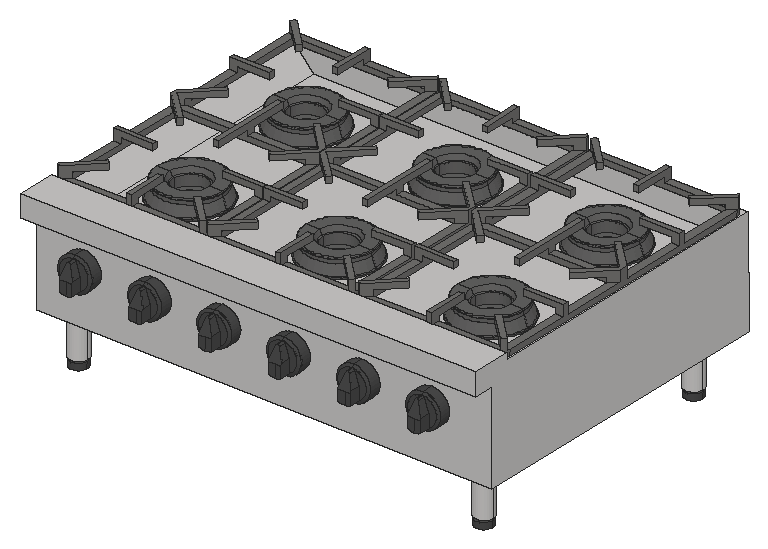
Revit family "QF_MACOM_FE09E_DA", category Equipamento especial, Revit 2020
Family settings
  Cota do conector redondo = Utilizar diâmetro
  Tipo de parte = Normal
  Número OmniClass = 23.40.40.14.17.11
  Título OmniClass = Cookers, Ovens, Stoves
  Com base no plano de trabalho = Não
  Sempre na vertical = Sim
  Corte com vazios quando carregada = Não
  Compartilhado = Não
  Ponto de cálculo do ambiente = Não
Parameters (values of type "FE09E-G")
  Width = 915.000 mm
  Weight = 53.00 kg
  Volume = 0.21 m³
  URL = "https://www.acosmacom.com.br/produtos/fogao-de-encosto-linha-exportacao/"
  Number of Burners = "06"
  Modelo = "FE09E-DA"
  Length = 686.000 mm
  Height = 328.000 mm
  Gas Size = 3/4"
  Gas Pressure = 0.0285 bar
  Gas Input GN = ""
  Gas Input GLP = 102508 Btu/h
  Gas Consumtion GN = 0.00 m³/h
  Gas Consumption GLP = "2,25 Kg/h"
  Gas Connection Height = 80.000 mm
  Fabricante = "MACOM"
  Elevação padrão = 0.000 mm
  Descrição = "FOGAO ENCOSTO EXPORTACAO MACOM 915, DUPLO GAS, PADRAO GLP + KIT GAS NATURAL- MEDINDO: 915X686X328"
Types (3, lengths in mm): name | Gas Size | Gas Pressure | Gas Input GN | Gas Input GLP | Gas Consumtion GN | Gas Consumption GLP
  (no name) | 3/4" | 0.0285 bar | "" | 102508 Btu/h | 0.00 m³/h | "2,25 Kg/h"
  FE09E-G | 3/4" | 0.0285 bar | "" | 102508 Btu/h | 0.00 m³/h | "2,25 Kg/h"
  FE09E-N | 0" | 0.022 bar | "25934 kcal/h" | 0 Btu/h | 2.71 m³/h | ""
Reference planes
  plane 1 "Center (Front/Back)": y = 0
  plane 2: z = 0
  plane 3 "Center (Left/Right)": x = 0
  plane 4: x = 610
  plane 5: y = -686
  plane 6: x = 305
  plane 7: y = -313.772
  plane 8: y = -1.5
  plane 9: z = 108
  plane 10: y = 37
  plane 11: y = -453
  plane 12: x = 155
  plane 13: x = 455
  plane 14: y = -307
  plane 15: x = 915
  plane 16: z = 100
Forms (mm)
  Extrusion 1, solid, material "QF_Stainless-Polished"
    sketch origin (305, 0, 100) x (1, 0, 0) y (0, 0, 1)
      loop
        circle (535, 80) r 9.525
    from -37 to 0
  Extrusion 2, solid, material "QF_Metal_Stainless Steel"
    sketch origin (913.5, 0, 100) x (0, 1, 0) y (0, 0, -1)
      loop
        line (-686, -184) -> (-686, -228) -> (-607, -228) -> (-607, -173) -> (-23, -173) -> (-23, -215) -> (0, -215) -> (0, 0) -> (-645, 0) -> (-645, -184) -> (-686, -184)
    from -1.5 to 913.5
  Extrusion 3, solid, material "QF_Metal_Stainless Steel"
    sketch origin (913.5, -607, 262.847) x (0, 0, 1) y (1, 0, 0)
      loop
        line (10.153, -913.5) -> (52.153, -913.5) -> (52.153, -892.5) -> (10.153, -854.5) -> (10.153, -913.5)
      loop
        line (10.153, 1.5) -> (10.153, -57.5) -> (52.153, -19.5) -> (52.153, 1.5) -> (10.153, 1.5)
    from 0 to 584
Cuts and joins
  joined: Extrusion 2, Extrusion 3
Lines and regions (mm)
  symbolic lines
    curve 1: line (0, 0, 0) -> (915, 0, 0)
    curve 2: line (915, 0, 0) -> (915, -686, 0)
    curve 3: line (915, -686, 0) -> (0, -686, 0)
    curve 4: line (0, -686, 0) -> (0, 0, 0)
    curve 5: line (20, -7, 0) -> (290, -7, 0)
    curve 6: arc (290, -7, 0) -> (300.607, -11.393, 0) -> (305, -22, 0) r 15
    curve 7: line (305, -22, 0) -> (305, -592, 0)
    curve 8: arc (305, -592, 0) -> (300.607, -602.607, 0) -> (290, -607, 0) r 15
    curve 9: arc (5, -22, 0) -> (9.393, -11.393, 0) -> (20, -7, 0) r 15
    curve 10: line (5, -22, 0) -> (5, -592, 0)
    curve 11: arc (5, -592, 0) -> (9.751, -602.966, 0) -> (21, -607, 0) r 15.031
    curve 12: line (5, -448, 0) -> (85, -448, 0)
    curve 13: line (85, -448, 0) -> (85, -458, 0)
    curve 14: line (85, -458, 0) -> (5, -458, 0)
    curve 15: line (5, -314.071, 0) -> (61.569, -370.64, 0)
    curve 16: line (61.569, -370.64, 0) -> (68.64, -363.569, 0)
    curve 17: line (68.64, -363.569, 0) -> (12.071, -307, 0)
    curve 18: line (12.071, -307, 0) -> (68.64, -250.431, 0)
    curve 19: line (68.64, -250.431, 0) -> (61.569, -243.36, 0)
    curve 20: line (61.569, -243.36, 0) -> (5, -299.929, 0)
    curve 21: line (5, -156, 0) -> (85, -156, 0)
    curve 22: line (85, -156, 0) -> (85, -166, 0)
    curve 23: line (85, -166, 0) -> (5, -166, 0)
    curve 24: line (13.536, -8.464, 0) -> (68.64, -63.569, 0)
    curve 25: line (68.64, -63.569, 0) -> (61.569, -70.64, 0)
    curve 26: line (61.569, -70.64, 0) -> (6.464, -15.536, 0)
    curve 27: line (150, -7, 0) -> (150, -87, 0)
    curve 28: line (150, -87, 0) -> (160, -87, 0)
    curve 29: line (160, -87, 0) -> (160, -7, 0)
    curve 30: line (296.464, -8.464, 0) -> (241.36, -63.569, 0)
    curve 31: line (241.36, -63.569, 0) -> (248.431, -70.64, 0)
    curve 32: line (248.431, -70.64, 0) -> (303.536, -15.536, 0)
    curve 33: line (305, -156, 0) -> (225, -156, 0)
    curve 34: line (225, -156, 0) -> (225, -166, 0)
    curve 35: line (225, -166, 0) -> (305, -166, 0)
    curve 36: line (305, -299.929, 0) -> (248.431, -243.36, 0)
    curve 37: line (248.431, -243.36, 0) -> (241.36, -250.431, 0)
    curve 38: line (241.36, -250.431, 0) -> (297.929, -307, 0)
    curve 39: line (297.929, -307, 0) -> (241.36, -363.569, 0)
    curve 40: line (241.36, -363.569, 0) -> (248.431, -370.64, 0)
    curve 41: line (248.431, -370.64, 0) -> (305, -314.071, 0)
    curve 42: line (303.536, -598.464, 0) -> (248.431, -543.36, 0)
    curve 43: line (248.431, -543.36, 0) -> (241.36, -550.431, 0)
    curve 44: line (241.36, -550.431, 0) -> (296.464, -605.536, 0)
    curve 45: line (160, -607, 0) -> (160, -527, 0)
    curve 46: line (160, -527, 0) -> (150, -527, 0)
    curve 47: line (150, -527, 0) -> (150, -607, 0)
    curve 48: line (13.522, -605.549, 0) -> (68.64, -550.431, 0)
    curve 49: line (68.64, -550.431, 0) -> (61.569, -543.36, 0)
    curve 50: line (61.569, -543.36, 0) -> (6.462, -598.467, 0)
    curve 51: line (59, -315, 0) -> (59, -299, 0)
    curve 52: line (28.071, -23, 0) -> (150, -23, 0)
    curve 53: line (160, -23, 0) -> (281.929, -23, 0)
    curve 54: line (289, -30.071, 0) -> (289, -156, 0)
    curve 55: line (289, -166, 0) -> (289, -283.929, 0)
    curve 56: line (289, -298.071, 0) -> (289, -299, 0)
    curve 57: line (289, -299, 0) -> (160, -299, 0)
    curve 58: line (150, -299, 0) -> (21, -299, 0)
    curve 59: line (21, -299, 0) -> (21, -298.071, 0)
    curve 60: line (21, -283.929, 0) -> (21, -166, 0)
    curve 61: line (21, -156, 0) -> (21, -30.071, 0)
    curve 62: line (21, -315, 0) -> (150, -315, 0)
    curve 63: line (289, -315, 0) -> (289, -315.929, 0)
    curve 64: line (289, -330.071, 0) -> (289, -448, 0)
    curve 65: line (289, -458, 0) -> (289, -583.929, 0)
    curve 66: line (281.929, -591, 0) -> (160, -591, 0)
    curve 67: line (150, -591, 0) -> (28.071, -591, 0)
    curve 68: line (21, -583.929, 0) -> (21, -458, 0)
    curve 69: line (21, -448, 0) -> (21, -330.071, 0)
    curve 70: line (21, -315.929, 0) -> (21, -315, 0)
    curve 71: line (160, -315, 0) -> (289, -315, 0)
    curve 72: line (289, -448, 0) -> (225, -448, 0)
    curve 73: line (225, -448, 0) -> (225, -458, 0)
    curve 74: line (225, -458, 0) -> (289, -458, 0)
    curve 75: line (305, -458, 0) -> (289, -458, 0)
    curve 76: line (305, -448, 0) -> (289, -448, 0)
    curve 77: line (150, -227, 0) -> (150, -387, 0)
    curve 78: line (150, -387, 0) -> (160, -387, 0)
    curve 79: line (160, -387, 0) -> (160, -227, 0)
    curve 80: line (160, -227, 0) -> (150, -227, 0)
    curve 81: arc (150, -86.481, 0) -> (131.928, -89.973, 0) -> (115.255, -97.771, 0) r 74.811
    curve 82: arc (115.255, -97.771, 0) -> (90.871, -122.707, 0) -> (80.476, -156, 0) r 74.654
    curve 83: arc (80.479, -166, 0) -> (86.22, -190.076, 0) -> (99.551, -210.93, 0) r 74.297
    curve 84: arc (99.551, -210.93, 0) -> (122.404, -228.096, 0) -> (150, -235.536, 0) r 75.495
    curve 85: arc (160, -235.51, 0) -> (189.011, -227.641, 0) -> (212.429, -208.796, 0) r 73.345
    curve 86: arc (212.429, -208.796, 0) -> (224.279, -188.72, 0) -> (229.504, -166, 0) r 76.193
    curve 87: arc (229.518, -156, 0) -> (221.005, -125.89, 0) -> (200.803, -101.995, 0) r 73.95
    curve 88: arc (200.803, -101.995, 0) -> (181.544, -91.231, 0) -> (160, -86.473, 0) r 75.764
    curve 89: arc (160, -227.813, 0) -> (221.953, -158.498, 0) -> (155, -94, 0) r 67
    curve 90: arc (155, -94, 0) -> (88.047, -158.498, 0) -> (150, -227.813, 0) r 67
    curve 91: circle (155, -161, 0) r 18 normal (0, 0, 1)
    curve 92: circle (155, -161, 0) r 33.068 normal (0, 0, 1)
    curve 93: circle (155, -161, 0) r 40 normal (0, 0, 1)
    curve 94: circle (155, -161, 0) r 65 normal (0, 0, 1)
    curve 95: circle (155, -453, 0) r 18 normal (0, 0, 1)
    curve 96: circle (155, -453, 0) r 33.068 normal (0, 0, 1)
    curve 97: circle (155, -453, 0) r 40 normal (0, 0, 1)
    curve 98: circle (155, -453, 0) r 65 normal (0, 0, 1)
    curve 99: arc (150, -386.187, 0) -> (88.047, -455.502, 0) -> (155, -520, 0) r 67
    curve 100: arc (155, -520, 0) -> (221.953, -455.502, 0) -> (160, -386.187, 0) r 67
    curve 101: arc (160, -527.504, 0) -> (193.481, -517.144, 0) -> (218.346, -492.446, 0) r 73.429
    curve 102: arc (218.346, -492.446, 0) -> (225.959, -475.88, 0) -> (229.524, -458, 0) r 78.084
    curve 103: arc (229.519, -448, 0) -> (221.56, -419.078, 0) -> (202.84, -395.639, 0) r 74.505
    curve 104: arc (202.84, -395.639, 0) -> (182.775, -383.675, 0) -> (160, -378.472, 0) r 74.936
    curve 105: arc (150, -378.477, 0) -> (125.853, -384.226, 0) -> (104.926, -397.574, 0) r 74.652
    curve 106: arc (104.926, -397.574, 0) -> (87.793, -420.407, 0) -> (80.476, -448, 0) r 74.699
    curve 107: arc (80.487, -458, 0) -> (87.19, -484.243, 0) -> (102.777, -506.395, 0) r 75.012
    curve 108: arc (102.777, -506.395, 0) -> (124.491, -521.201, 0) -> (150, -527.527, 0) r 74.353
    curve 109: line (290, -607, 0) -> (21, -607, 0)
    curve 110: line (320, -7, 0) -> (590, -7, 0)
    curve 111: arc (590, -7, 0) -> (600.607, -11.393, 0) -> (605, -22, 0) r 15
    curve 112: arc (605, -592, 0) -> (600.607, -602.607, 0) -> (590, -607, 0) r 15
    curve 113: arc (305, -22, 0) -> (309.393, -11.393, 0) -> (320, -7, 0) r 15
    curve 114: line (305, -22, 0) -> (305, -592, 0)
    curve 115: arc (305, -592, 0) -> (309.751, -602.966, 0) -> (321, -607, 0) r 15.031
    curve 116: line (305, -448, 0) -> (385, -448, 0)
    curve 117: line (385, -448, 0) -> (385, -458, 0)
    curve 118: line (385, -458, 0) -> (305, -458, 0)
    curve 119: line (305, -314.071, 0) -> (361.569, -370.64, 0)
    curve 120: line (361.569, -370.64, 0) -> (368.64, -363.569, 0)
    curve 121: line (368.64, -363.569, 0) -> (312.071, -307, 0)
    curve 122: line (312.071, -307, 0) -> (368.64, -250.431, 0)
    curve 123: line (368.64, -250.431, 0) -> (361.569, -243.36, 0)
    curve 124: line (361.569, -243.36, 0) -> (305, -299.929, 0)
    curve 125: line (305, -156, 0) -> (385, -156, 0)
    curve 126: line (385, -156, 0) -> (385, -166, 0)
    curve 127: line (385, -166, 0) -> (305, -166, 0)
    curve 128: line (313.536, -8.464, 0) -> (368.64, -63.569, 0)
    curve 129: line (368.64, -63.569, 0) -> (361.569, -70.64, 0)
    curve 130: line (361.569, -70.64, 0) -> (306.464, -15.536, 0)
    curve 131: line (450, -7, 0) -> (450, -87, 0)
    curve 132: line (450, -87, 0) -> (460, -87, 0)
    curve 133: line (460, -87, 0) -> (460, -7, 0)
    curve 134: line (596.464, -8.464, 0) -> (541.36, -63.569, 0)
    curve 135: line (541.36, -63.569, 0) -> (548.431, -70.64, 0)
    curve 136: line (548.431, -70.64, 0) -> (603.536, -15.536, 0)
    curve 137: line (605, -156, 0) -> (525, -156, 0)
    curve 138: line (525, -156, 0) -> (525, -166, 0)
    curve 139: line (525, -166, 0) -> (605, -166, 0)
    curve 140: line (605, -299.929, 0) -> (548.431, -243.36, 0)
    curve 141: line (548.431, -243.36, 0) -> (541.36, -250.431, 0)
    curve 142: line (541.36, -250.431, 0) -> (597.929, -307, 0)
    curve 143: line (597.929, -307, 0) -> (541.36, -363.569, 0)
    curve 144: line (541.36, -363.569, 0) -> (548.431, -370.64, 0)
    curve 145: line (548.431, -370.64, 0) -> (605, -314.071, 0)
    curve 146: line (603.536, -598.464, 0) -> (548.431, -543.36, 0)
    curve 147: line (548.431, -543.36, 0) -> (541.36, -550.431, 0)
    curve 148: line (541.36, -550.431, 0) -> (596.464, -605.536, 0)
    curve 149: line (460, -607, 0) -> (460, -527, 0)
    curve 150: line (460, -527, 0) -> (450, -527, 0)
    curve 151: line (450, -527, 0) -> (450, -607, 0)
    curve 152: line (313.522, -605.549, 0) -> (368.64, -550.431, 0)
    curve 153: line (368.64, -550.431, 0) -> (361.569, -543.36, 0)
    curve 154: line (361.569, -543.36, 0) -> (306.462, -598.467, 0)
    curve 155: line (359, -315, 0) -> (359, -299, 0)
    curve 156: line (328.071, -23, 0) -> (450, -23, 0)
    curve 157: line (460, -23, 0) -> (581.929, -23, 0)
    curve 158: line (589, -30.071, 0) -> (589, -156, 0)
    curve 159: line (589, -166, 0) -> (589, -283.929, 0)
    curve 160: line (589, -298.071, 0) -> (589, -299, 0)
    curve 161: line (589, -299, 0) -> (460, -299, 0)
    curve 162: line (450, -299, 0) -> (321, -299, 0)
    curve 163: line (321, -299, 0) -> (321, -298.071, 0)
    curve 164: line (321, -283.929, 0) -> (321, -166, 0)
    curve 165: line (321, -156, 0) -> (321, -30.071, 0)
    curve 166: line (321, -315, 0) -> (450, -315, 0)
    curve 167: line (589, -315, 0) -> (589, -315.929, 0)
    curve 168: line (589, -330.071, 0) -> (589, -448, 0)
    curve 169: line (589, -458, 0) -> (589, -583.929, 0)
    curve 170: line (581.929, -591, 0) -> (460, -591, 0)
    curve 171: line (450, -591, 0) -> (328.071, -591, 0)
    curve 172: line (321, -583.929, 0) -> (321, -458, 0)
    curve 173: line (321, -448, 0) -> (321, -330.071, 0)
    curve 174: line (321, -315.929, 0) -> (321, -315, 0)
    curve 175: line (460, -315, 0) -> (589, -315, 0)
    curve 176: line (589, -448, 0) -> (525, -448, 0)
    curve 177: line (525, -448, 0) -> (525, -458, 0)
    curve 178: line (525, -458, 0) -> (589, -458, 0)
    curve 179: line (605, -458, 0) -> (589, -458, 0)
    curve 180: line (605, -448, 0) -> (589, -448, 0)
    curve 181: line (450, -227, 0) -> (450, -387, 0)
    curve 182: line (450, -387, 0) -> (460, -387, 0)
    curve 183: line (460, -387, 0) -> (460, -227, 0)
    curve 184: line (460, -227, 0) -> (450, -227, 0)
    curve 185: arc (450, -86.481, 0) -> (431.928, -89.973, 0) -> (415.255, -97.771, 0) r 74.811
    curve 186: arc (415.255, -97.771, 0) -> (390.871, -122.707, 0) -> (380.476, -156, 0) r 74.654
    curve 187: arc (380.479, -166, 0) -> (386.22, -190.076, 0) -> (399.551, -210.93, 0) r 74.297
    curve 188: arc (399.551, -210.93, 0) -> (422.404, -228.096, 0) -> (450, -235.536, 0) r 75.495
    curve 189: arc (460, -235.51, 0) -> (489.011, -227.641, 0) -> (512.429, -208.796, 0) r 73.345
    curve 190: arc (512.429, -208.796, 0) -> (524.279, -188.72, 0) -> (529.504, -166, 0) r 76.193
    curve 191: arc (529.518, -156, 0) -> (521.005, -125.89, 0) -> (500.803, -101.995, 0) r 73.95
    curve 192: arc (500.803, -101.995, 0) -> (481.544, -91.231, 0) -> (460, -86.473, 0) r 75.764
    curve 193: arc (460, -227.813, 0) -> (521.953, -158.498, 0) -> (455, -94, 0) r 67
    curve 194: arc (455, -94, 0) -> (388.047, -158.498, 0) -> (450, -227.813, 0) r 67
    curve 195: circle (455, -161, 0) r 18 normal (0, 0, 1)
    curve 196: circle (455, -161, 0) r 33.068 normal (0, 0, 1)
    curve 197: circle (455, -161, 0) r 40 normal (0, 0, 1)
    curve 198: circle (455, -161, 0) r 65 normal (0, 0, 1)
    curve 199: circle (455, -453, 0) r 18 normal (0, 0, 1)
    curve 200: circle (455, -453, 0) r 33.068 normal (0, 0, 1)
    curve 201: circle (455, -453, 0) r 40 normal (0, 0, 1)
    curve 202: circle (455, -453, 0) r 65 normal (0, 0, 1)
    curve 203: arc (450, -386.187, 0) -> (388.047, -455.502, 0) -> (455, -520, 0) r 67
    curve 204: arc (455, -520, 0) -> (521.953, -455.502, 0) -> (460, -386.187, 0) r 67
    curve 205: arc (460, -527.504, 0) -> (493.481, -517.144, 0) -> (518.346, -492.446, 0) r 73.429
    curve 206: arc (518.346, -492.446, 0) -> (525.959, -475.88, 0) -> (529.524, -458, 0) r 78.084
    curve 207: arc (529.519, -448, 0) -> (521.56, -419.078, 0) -> (502.84, -395.639, 0) r 74.505
    curve 208: arc (502.84, -395.639, 0) -> (482.775, -383.675, 0) -> (460, -378.472, 0) r 74.936
    curve 209: arc (450, -378.477, 0) -> (425.853, -384.226, 0) -> (404.926, -397.574, 0) r 74.652
    curve 210: arc (404.926, -397.574, 0) -> (387.793, -420.407, 0) -> (380.476, -448, 0) r 74.699
    curve 211: arc (380.487, -458, 0) -> (387.19, -484.243, 0) -> (402.777, -506.395, 0) r 75.012
    curve 212: arc (402.777, -506.395, 0) -> (424.491, -521.201, 0) -> (450, -527.527, 0) r 74.353
    curve 213: line (590, -607, 0) -> (321, -607, 0)
    curve 214: line (620, -7, 0) -> (890, -7, 0)
    curve 215: arc (890, -7, 0) -> (900.607, -11.393, 0) -> (905, -22, 0) r 15
    curve 216: arc (905, -592, 0) -> (900.607, -602.607, 0) -> (890, -607, 0) r 15
    curve 217: arc (605, -22, 0) -> (609.393, -11.393, 0) -> (620, -7, 0) r 15
    curve 218: line (605, -22, 0) -> (605, -592, 0)
    curve 219: arc (605, -592, 0) -> (609.751, -602.966, 0) -> (621, -607, 0) r 15.031
    curve 220: line (605, -448, 0) -> (685, -448, 0)
    curve 221: line (685, -448, 0) -> (685, -458, 0)
    curve 222: line (685, -458, 0) -> (605, -458, 0)
    curve 223: line (605, -314.071, 0) -> (661.569, -370.64, 0)
    curve 224: line (661.569, -370.64, 0) -> (668.64, -363.569, 0)
    curve 225: line (668.64, -363.569, 0) -> (612.071, -307, 0)
    curve 226: line (612.071, -307, 0) -> (668.64, -250.431, 0)
    curve 227: line (668.64, -250.431, 0) -> (661.569, -243.36, 0)
    curve 228: line (661.569, -243.36, 0) -> (605, -299.929, 0)
    curve 229: line (605, -156, 0) -> (685, -156, 0)
    curve 230: line (685, -156, 0) -> (685, -166, 0)
    curve 231: line (685, -166, 0) -> (605, -166, 0)
    curve 232: line (613.536, -8.464, 0) -> (668.64, -63.569, 0)
    curve 233: line (668.64, -63.569, 0) -> (661.569, -70.64, 0)
    curve 234: line (661.569, -70.64, 0) -> (606.464, -15.536, 0)
    curve 235: line (750, -7, 0) -> (750, -87, 0)
    curve 236: line (750, -87, 0) -> (760, -87, 0)
    curve 237: line (760, -87, 0) -> (760, -7, 0)
    curve 238: line (896.464, -8.464, 0) -> (841.36, -63.569, 0)
    curve 239: line (841.36, -63.569, 0) -> (848.431, -70.64, 0)
    curve 240: line (848.431, -70.64, 0) -> (903.536, -15.536, 0)
    curve 241: line (905, -156, 0) -> (825, -156, 0)
    curve 242: line (825, -156, 0) -> (825, -166, 0)
    curve 243: line (825, -166, 0) -> (905, -166, 0)
    curve 244: line (905, -299.929, 0) -> (848.431, -243.36, 0)
    curve 245: line (848.431, -243.36, 0) -> (841.36, -250.431, 0)
    curve 246: line (841.36, -250.431, 0) -> (897.929, -307, 0)
    curve 247: line (897.929, -307, 0) -> (841.36, -363.569, 0)
    curve 248: line (841.36, -363.569, 0) -> (848.431, -370.64, 0)
    curve 249: line (848.431, -370.64, 0) -> (905, -314.071, 0)
    curve 250: line (903.536, -598.464, 0) -> (848.431, -543.36, 0)
    curve 251: line (848.431, -543.36, 0) -> (841.36, -550.431, 0)
    curve 252: line (841.36, -550.431, 0) -> (896.464, -605.536, 0)
    curve 253: line (760, -607, 0) -> (760, -527, 0)
    curve 254: line (760, -527, 0) -> (750, -527, 0)
    curve 255: line (750, -527, 0) -> (750, -607, 0)
    curve 256: line (613.522, -605.549, 0) -> (668.64, -550.431, 0)
    curve 257: line (668.64, -550.431, 0) -> (661.569, -543.36, 0)
    curve 258: line (661.569, -543.36, 0) -> (606.462, -598.467, 0)
    curve 259: line (659, -315, 0) -> (659, -299, 0)
    curve 260: line (628.071, -23, 0) -> (750, -23, 0)
    curve 261: line (760, -23, 0) -> (881.929, -23, 0)
    curve 262: line (889, -30.071, 0) -> (889, -156, 0)
    curve 263: line (889, -166, 0) -> (889, -283.929, 0)
    curve 264: line (889, -298.071, 0) -> (889, -299, 0)
    curve 265: line (889, -299, 0) -> (760, -299, 0)
    curve 266: line (750, -299, 0) -> (621, -299, 0)
    curve 267: line (621, -299, 0) -> (621, -298.071, 0)
    curve 268: line (621, -283.929, 0) -> (621, -166, 0)
    curve 269: line (621, -156, 0) -> (621, -30.071, 0)
    curve 270: line (621, -315, 0) -> (750, -315, 0)
    curve 271: line (889, -315, 0) -> (889, -315.929, 0)
    curve 272: line (889, -330.071, 0) -> (889, -448, 0)
    curve 273: line (889, -458, 0) -> (889, -583.929, 0)
    curve 274: line (881.929, -591, 0) -> (760, -591, 0)
    curve 275: line (750, -591, 0) -> (628.071, -591, 0)
    curve 276: line (621, -583.929, 0) -> (621, -458, 0)
    curve 277: line (621, -448, 0) -> (621, -330.071, 0)
    curve 278: line (621, -315.929, 0) -> (621, -315, 0)
    curve 279: line (760, -315, 0) -> (889, -315, 0)
    curve 280: line (889, -448, 0) -> (825, -448, 0)
    curve 281: line (825, -448, 0) -> (825, -458, 0)
    curve 282: line (825, -458, 0) -> (889, -458, 0)
    curve 283: line (905, -458, 0) -> (889, -458, 0)
    curve 284: line (905, -448, 0) -> (889, -448, 0)
    curve 285: line (750, -227, 0) -> (750, -387, 0)
    curve 286: line (750, -387, 0) -> (760, -387, 0)
    curve 287: line (760, -387, 0) -> (760, -227, 0)
    curve 288: line (760, -227, 0) -> (750, -227, 0)
    curve 289: arc (750, -86.481, 0) -> (731.928, -89.973, 0) -> (715.255, -97.771, 0) r 74.811
    curve 290: arc (715.255, -97.771, 0) -> (690.871, -122.707, 0) -> (680.476, -156, 0) r 74.654
    curve 291: arc (680.479, -166, 0) -> (686.22, -190.076, 0) -> (699.551, -210.93, 0) r 74.297
    curve 292: arc (699.551, -210.93, 0) -> (722.404, -228.096, 0) -> (750, -235.536, 0) r 75.495
    curve 293: arc (760, -235.51, 0) -> (789.011, -227.641, 0) -> (812.429, -208.796, 0) r 73.345
    curve 294: arc (812.429, -208.796, 0) -> (824.279, -188.72, 0) -> (829.504, -166, 0) r 76.193
    curve 295: arc (829.518, -156, 0) -> (821.005, -125.89, 0) -> (800.803, -101.995, 0) r 73.95
    curve 296: arc (800.803, -101.995, 0) -> (781.544, -91.231, 0) -> (760, -86.473, 0) r 75.764
    curve 297: arc (760, -227.813, 0) -> (821.953, -158.498, 0) -> (755, -94, 0) r 67
    curve 298: arc (755, -94, 0) -> (688.047, -158.498, 0) -> (750, -227.813, 0) r 67
    curve 299: circle (755, -161, 0) r 18 normal (0, 0, 1)
    curve 300: circle (755, -161, 0) r 33.068 normal (0, 0, 1)
    curve 301: circle (755, -161, 0) r 40 normal (0, 0, 1)
    curve 302: circle (755, -161, 0) r 65 normal (0, 0, 1)
    curve 303: circle (755, -453, 0) r 18 normal (0, 0, 1)
    curve 304: circle (755, -453, 0) r 33.068 normal (0, 0, 1)
    curve 305: circle (755, -453, 0) r 40 normal (0, 0, 1)
    curve 306: circle (755, -453, 0) r 65 normal (0, 0, 1)
    curve 307: arc (750, -386.187, 0) -> (688.047, -455.502, 0) -> (755, -520, 0) r 67
    curve 308: arc (755, -520, 0) -> (821.953, -455.502, 0) -> (760, -386.187, 0) r 67
    curve 309: arc (760, -527.504, 0) -> (793.481, -517.144, 0) -> (818.346, -492.446, 0) r 73.429
    curve 310: arc (818.346, -492.446, 0) -> (825.959, -475.88, 0) -> (829.524, -458, 0) r 78.084
    curve 311: arc (829.519, -448, 0) -> (821.56, -419.078, 0) -> (802.84, -395.639, 0) r 74.505
    curve 312: arc (802.84, -395.639, 0) -> (782.775, -383.675, 0) -> (760, -378.472, 0) r 74.936
    curve 313: arc (750, -378.477, 0) -> (725.853, -384.226, 0) -> (704.926, -397.574, 0) r 74.652
    curve 314: arc (704.926, -397.574, 0) -> (687.793, -420.407, 0) -> (680.476, -448, 0) r 74.699
    curve 315: arc (680.487, -458, 0) -> (687.19, -484.243, 0) -> (702.777, -506.395, 0) r 75.012
    curve 316: arc (702.777, -506.395, 0) -> (724.491, -521.201, 0) -> (750, -527.527, 0) r 74.353
    curve 317: line (890, -607, 0) -> (621, -607, 0)
    curve 318: line (905, -592, 0) -> (905, -22, 0)
    curve 319: line (59, -23, 0) -> (59, -53.929, 0)
    curve 320: line (59, -68.071, 0) -> (59, -156, 0)
    curve 321: line (59, -166, 0) -> (59, -245.929, 0)
    curve 322: line (59, -260.071, 0) -> (59, -299, 0)
    curve 323: line (59, -315, 0) -> (59, -353.929, 0)
    curve 324: line (59, -368.071, 0) -> (59, -448, 0)
    curve 325: line (59, -458, 0) -> (59, -545.929, 0)
    curve 326: line (59, -560.071, 0) -> (59, -591, 0)
    curve 327: line (856, -591, 0) -> (856, -565.071, 0)
    curve 328: line (856, -550.929, 0) -> (856, -458, 0)
    curve 329: line (856, -448, 0) -> (856, -363.071, 0)
    curve 330: line (856, -348.929, 0) -> (856, -315, 0)
    curve 331: line (856, -299, 0) -> (856, -265.071, 0)
    curve 332: line (856, -250.929, 0) -> (856, -166, 0)
    curve 333: line (856, -156, 0) -> (856, -63.071, 0)
    curve 334: line (856, -48.929, 0) -> (856, -23, 0)
    curve 335: line (807.691, -686, 0) -> (807.691, -690, 0)
    curve 336: line (807.691, -690, 0) -> (782.309, -690, 0)
    curve 337: line (782.309, -690, 0) -> (782.309, -686, 0)
    curve 338: line (786.336, -686, 0) -> (782.309, -688.916, 0)
    curve 339: line (803.664, -686, 0) -> (807.691, -688.916, 0)
    curve 340: line (667.691, -686, 0) -> (667.691, -690, 0)
    curve 341: line (667.691, -690, 0) -> (642.309, -690, 0)
    curve 342: line (642.309, -690, 0) -> (642.309, -686, 0)
    curve 343: line (642.309, -688.916, 0) -> (646.336, -686, 0)
    curve 344: line (667.691, -688.916, 0) -> (663.664, -686, 0)
    curve 345: line (527.691, -688.916, 0) -> (523.664, -686, 0)
    curve 346: line (527.691, -686, 0) -> (527.691, -690, 0)
    curve 347: line (527.691, -690, 0) -> (502.309, -690, 0)
    curve 348: line (502.309, -690, 0) -> (502.309, -686, 0)
    curve 349: line (502.309, -688.916, 0) -> (506.336, -686, 0)
    curve 350: line (387.691, -686, 0) -> (387.691, -690, 0)
    curve 351: line (387.691, -690, 0) -> (362.309, -690, 0)
    curve 352: line (362.309, -690, 0) -> (362.309, -686, 0)
    curve 353: line (362.309, -688.916, 0) -> (366.336, -686, 0)
    curve 354: line (387.691, -688.916, 0) -> (383.664, -686, 0)
    curve 355: line (247.691, -686, 0) -> (247.691, -690, 0)
    curve 356: line (247.691, -690, 0) -> (222.309, -690, 0)
    curve 357: line (222.309, -690, 0) -> (222.309, -686, 0)
    curve 358: line (222.309, -688.916, 0) -> (226.336, -686, 0)
    curve 359: line (247.691, -688.916, 0) -> (243.664, -686, 0)
    curve 360: line (107.691, -686, 0) -> (107.691, -690, 0)
    curve 361: line (107.691, -690, 0) -> (82.309, -690, 0)
    curve 362: line (82.309, -690, 0) -> (82.309, -686, 0)
    curve 363: line (82.309, -688.916, 0) -> (86.336, -686, 0)
    curve 364: line (107.691, -688.916, 0) -> (103.664, -686, 0)
    curve 365: line (830.475, 37, 0) -> (849.525, 37, 0)
    curve 366: line (849.525, 37, 0) -> (849.525, 0, 0)
    curve 367: line (830.475, 37, 0) -> (830.475, 0, 0)
Dimensions and locks
  locked: Extrusion 2 sketch curve to Extrusion 2 sketch curve at 55
  equal spacing: group 1, group 2, group 3  (x3)
  "Gas Connection Height": plane 16 to Extrusion 1 sketch curve
  locked: plane 15 to Extrusion 1 sketch curve at 75
  aligned and locked: level to plane 2
  aligned and locked: nested 5 to Extrusion 3
  aligned and locked: Extrusion 3 to nested 5
  aligned and locked: plane 16 to cut or joined group of Extrusion 2, Extrusion 3
Automatic sketch dimensions
  Extrusion 2 sketch curve to plane 5 = 0.000 mm
  Extrusion 2 sketch curve to plane 1 "Center (Front/Back)" = 0.000 mm
  plane 5 to Extrusion 2 sketch curve = 41.000 mm
  Extrusion 2 sketch curve to Extrusion 2 sketch curve = 38.000 mm
  plane 8 to Extrusion 2 sketch curve = 21.500 mm
  plane 9 to Extrusion 2 sketch curve = 220.000 mm
  Extrusion 2 sketch curve to Extrusion 2 sketch curve = 42.000 mm
  Extrusion 2 sketch curve to Extrusion 2 sketch curve = 11.000 mm
  Extrusion 2 sketch curve to plane 9 = 8.000 mm
  Extrusion 3 sketch curve to Extrusion 2 = 0.000 mm  (x3)
  Extrusion 2 to Extrusion 3 sketch curve = 0.000 mm
  Extrusion 2 to Extrusion 3 sketch curve = 13.000 mm  (x2)
  Extrusion 2 to Extrusion 3 sketch curve = 21.000 mm
  Extrusion 3 sketch curve to Extrusion 3 sketch curve = 38.000 mm
  Extrusion 3 sketch curve to Extrusion 3 sketch curve = 59.000 mm
  Extrusion 3 sketch curve to Extrusion 3 sketch curve = 21.000 mm
  plane 1 "Center (Front/Back)" to curve 4 = 0.000 mm
  curve 4 to plane 3 "Center (Left/Right)" = 0.000 mm
  curve 362 to plane 5 = 0.000 mm
  curve 7 to plane 6 = 0.000 mm
  curve 365 to plane 10 = 0.000 mm
  curve 3 to plane 15 = 0.000 mm
  curve 362 to plane 5 = 4.000 mm
  plane 12 to curve 362 = 72.691 mm
  curve 361 to curve 360 = 25.382 mm
  curve 357 to plane 5 = 4.000 mm
  curve 357 to plane 12 = 67.309 mm
  curve 356 to curve 355 = 25.382 mm
  curve 352 to plane 5 = 4.000 mm
  plane 6 to curve 352 = 57.309 mm
  curve 351 to curve 351 = 25.382 mm
  curve 348 to plane 5 = 4.000 mm
  curve 348 to plane 13 = 47.309 mm
  curve 347 to curve 347 = 25.382 mm
  curve 341 to plane 5 = 4.000 mm
  plane 4 to curve 341 = 32.309 mm
  curve 341 to curve 341 = 25.382 mm
  curve 336 to plane 5 = 4.000 mm
  curve 340 to curve 336 = 114.618 mm
  curve 336 to curve 336 = 25.382 mm
  curve 365 to plane 15 = 65.475 mm
  curve 325 to plane 11 = 5.000 mm
  plane 3 "Center (Left/Right)" to curve 325 = 59.000 mm
  curve 326 to curve 325 = 0.000 mm
  plane 11 to curve 324 = 5.000 mm
  curve 324 to curve 325 = 0.000 mm
  curve 323 to curve 324 = 0.000 mm
  plane 8 to curve 319 = 21.500 mm
  plane 3 "Center (Left/Right)" to curve 319 = 59.000 mm
  curve 320 to curve 319 = 0.000 mm
  curve 321 to curve 320 = 0.000 mm
  curve 322 to curve 321 = 0.000 mm
  curve 362 to curve 363 = 4.027 mm
  curve 364 to curve 360 = 4.027 mm
  curve 357 to curve 358 = 4.027 mm
  curve 359 to curve 355 = 4.027 mm
  curve 352 to curve 353 = 4.027 mm
  curve 354 to curve 350 = 4.027 mm
  curve 348 to curve 349 = 4.027 mm
  curve 345 to curve 346 = 4.027 mm
  curve 342 to curve 343 = 4.027 mm
  curve 344 to curve 340 = 4.027 mm
  curve 337 to curve 338 = 4.027 mm
  curve 339 to curve 335 = 4.027 mm
  curve 367 to curve 365 = 19.050 mm
  curve 331 to plane 15 = 59.000 mm
  curve 330 to plane 7 = 1.228 mm
  curve 330 to curve 331 = 0.000 mm
  curve 333 to plane 15 = 59.000 mm
  curve 329 to curve 330 = 0.000 mm
  curve 332 to curve 331 = 0.000 mm
  curve 328 to plane 11 = 5.000 mm
  curve 328 to curve 329 = 0.000 mm
  curve 327 to curve 328 = 0.000 mm
  curve 366 to curve 334 = 6.475 mm
  curve 318 to plane 15 = 10.000 mm
  curve 346 to curve 345 = 1.084 mm
  curve 350 to curve 354 = 1.084 mm
  curve 341 to curve 343 = 1.084 mm
  curve 351 to curve 353 = 1.084 mm
  curve 360 to curve 364 = 1.084 mm
  curve 335 to curve 339 = 1.084 mm
  curve 336 to curve 338 = 1.084 mm
  curve 356 to curve 358 = 1.084 mm
  curve 361 to curve 363 = 1.084 mm
  curve 340 to curve 344 = 1.084 mm
  curve 355 to curve 359 = 1.084 mm
  curve 347 to curve 349 = 1.084 mm
  plane 5 to curve 318 = 94.000 mm
  plane 5 to curve 7 = 94.000 mm
  curve 318 to curve 327 = 1.000 mm
  plane 5 to curve 326 = 95.000 mm
  curve 327 to curve 327 = 25.929 mm
  curve 326 to curve 326 = 30.929 mm
  curve 327 to curve 328 = 14.142 mm
  curve 326 to curve 325 = 14.142 mm
  plane 11 to curve 329 = 5.000 mm
  curve 324 to plane 7 = 54.299 mm
  curve 329 to curve 330 = 48.071 mm
  curve 324 to curve 323 = 14.142 mm
  curve 329 to curve 330 = 14.142 mm
  curve 323 to plane 7 = 1.228 mm
  plane 14 to curve 322 = 8.000 mm
  plane 14 to curve 331 = 8.000 mm
  curve 331 to curve 331 = 33.929 mm
  curve 322 to curve 322 = 38.929 mm
  curve 331 to curve 332 = 14.142 mm
  curve 322 to curve 321 = 14.142 mm
  curve 332 to curve 332 = 84.929 mm
  curve 321 to curve 321 = 79.929 mm
  curve 332 to curve 333 = 10.000 mm
  curve 321 to curve 320 = 10.000 mm
  curve 320 to curve 319 = 45.071 mm
  plane 8 to curve 333 = 61.571 mm
  curve 320 to curve 319 = 14.142 mm
  curve 333 to curve 334 = 14.142 mm
  plane 8 to curve 334 = 21.500 mm
  plane 8 to curve 7 = 20.500 mm
  plane 8 to curve 318 = 20.500 mm
  radius of Extrusion 1 sketch curve = 9.525 mm
Nested families
  nested 1: "Sapata 100mm" at (50, -602.03, 17.513) x (1, 0, 0) z (0, -1, 0), type "Sapata 100mm"
  nested 2: "Sapata 100mm" at (50, -74.5, 17.513) x (1, 0, 0) z (0, -1, 0), type "Sapata 100mm"
  nested 3: "Sapata 100mm" at (865, -602.03, 17.513) x (-1, 0, 0) z (0, -1, 0), type "Sapata 100mm"
  nested 4: "Sapata 100mm" at (865, -74.5, 17.513) x (-1, 0, 0) z (0, -1, 0), type "Sapata 100mm"
  nested 5: "GRELHA_FE" at (305, -607, 315), type "GRELHA_FE"
  nested 6: "GRELHA_FE" at (305, -607, 315) x (-1, 0, 0) z (0, 0, 1), type "GRELHA_FE"
  nested 7: "QUEIMADOR FF72C" at (155, -453, 184.5), type "QUEIMADOR"
  nested 8: "QUEIMADOR FF72C" at (455, -453, 184.5), type "QUEIMADOR"
  nested 9: "QUEIMADOR FF72C" at (155, -161, 184.5), type "QUEIMADOR"
  nested 10: "QUEIMADOR FF72C" at (455, -161, 184.5), type "QUEIMADOR"
  nested 11: "button2" at (95, -645, 208), type "button2"
  nested 12: "button2" at (235, -645, 208), type "button2"
  nested 13: "button2" at (375, -645, 208), type "button2"
  nested 14: "button2" at (515, -645, 208), type "button2"
  nested 15: "GRELHA_FE" at (610, -607, 315) x (-1, 0, 0) z (0, 0, 1), type "GRELHA_FE"
  nested 16: "QUEIMADOR FF72C" at (760, -453, 184.5), type "QUEIMADOR"
  nested 17: "QUEIMADOR FF72C" at (760, -161, 184.5), type "QUEIMADOR"
  nested 18: "button2" at (655, -645, 208), type "button2"
  nested 19: "button2" at (795, -645, 208), type "button2"
Connectors
  piping at (840, 37, 180), diameter 19.05, driven by "Gas Size"
    settings: on Extrusion 1, index 1, connector inside diameter 24", connector length 0.000 mm, flow factor 0, pipe flow 0.00 m³/h, pressure drop 0.00 bar, fitting loss kfactor 0, connector angle 0.00°, fixture units 0, engagement length 0.000 mm, angle of deflection 0.00°, flow configuration 0, flow direction 1, fitting loss method 0, system type 29, joint type 0, gender type 0, connector reference index -1, connector utility 0, adjustable connector no, is connector primary yes, connector description ""
Definition of nested family "Sapata 100mm"
  Parameters
    Default Elevation = 0.000 mm
  Reference planes
    plane 1 "Centro (Frente/Trás)": y = 0
    plane 2: z = 0
    plane 3 "Centro (Esquerda/Direita)": x = 0
  Forms (mm)
    Revolve 1, solid
      sketch origin (0, 0, 0) x (1, 0, 0) y (0, 1, 0)
        loop
          line (17.3, -17.513) -> (17.3, -5.713) -> (11.853, -0.266) -> (0, -0.266) -> (0, -17.513) -> (17.3, -17.513)
        axis (0, -0.266) -> (0, -17.513)
      angle from 0 to 360
    Revolve 2, solid
      sketch origin (0, 0, 0) x (1, 0, 0) y (0, 1, 0)
        loop
          line (0, 0) -> (0, 82.487) -> (-19.05, 82.487) -> (-19.05, 0) -> (0, 0)
        axis (0, 82.487) -> (0, 0)
      angle from 0 to 360
  Dimensions and locks
    plane 1 "Centro (Frente/Trás)" to Revolve 2 sketch curve = 82.487 mm
    aligned and locked: level to plane 2
Definition of nested family "GRELHA_FE"
  Parameters (values of type "GRELHA_FE")
    Default Elevation = 0.000 mm
  Reference planes
    plane 1 "Center (Front/Back)": y = 0
    plane 2: z = 0
    plane 3 "Center (Left/Right)": x = 0
    plane 4: z = 10.5
    plane 5: z = 20.5
    plane 6: z = 32.5
  Forms (mm)
    Extrusion 1, solid
      sketch origin (0, 0, 0) x (1, 0, 0) y (0, 1, 0)
        loop
          line (0, 0) -> (0, 600) -> (-300, 600) -> (-300, 0) -> (0, 0)
        loop
          line (-284, 584) -> (-284, 308) -> (-16, 308) -> (-16, 584) -> (-284, 584)
        loop
          line (-16, 16) -> (-16, 292) -> (-284, 292) -> (-284, 16) -> (-16, 16)
      from 0 to 10.5
    Extrusion 2, solid
      sketch origin (0, 0, 0) x (1, 0, 0) y (0, 1, 0)
        loop
          line (-300, 0) -> (-292.929, 0) -> (-276.929, 16) -> (-284, 16) -> (-284, 23.071) -> (-300, 7.071) -> (-300, 0)
        loop
          line (0, 0) -> (0, 7.071) -> (-16, 23.071) -> (-16, 16) -> (-23.071, 16) -> (-7.071, 0) -> (0, 0)
        loop
          line (-300, 600) -> (-300, 592.929) -> (-284, 576.929) -> (-284, 584) -> (-276.929, 584) -> (-292.929, 600) -> (-300, 600)
        loop
          line (0, 600) -> (-7.071, 600) -> (-23.071, 584) -> (-16, 584) -> (-16, 576.929) -> (0, 592.929) -> (0, 600)
        loop
          line (-300, 292.929) -> (-284, 276.929) -> (-284, 291.071) -> (-292.929, 300) -> (-284, 308.929) -> (-284, 323.071) -> (-300, 307.071) -> (-300, 292.929)
        loop
          line (0, 292.929) -> (0, 307.071) -> (-16, 323.071) -> (-16, 308.929) -> (-7.071, 300) -> (-16, 291.071) -> (-16, 276.929) -> (0, 292.929)
        loop
          line (-300, 149) -> (-284, 149) -> (-284, 159) -> (-300, 159) -> (-300, 149)
        loop
          line (0, 149) -> (0, 159) -> (-16, 159) -> (-16, 149) -> (0, 149)
        loop
          line (-300, 451) -> (-300, 441) -> (-284, 441) -> (-284, 451) -> (-300, 451)
        loop
          line (0, 451) -> (-16, 451) -> (-16, 441) -> (0, 441) -> (0, 451)
        loop
          line (-145, 16) -> (-155, 16) -> (-155, 0) -> (-145, 0) -> (-145, 16)
        loop
          line (-145, 584) -> (-145, 600) -> (-155, 600) -> (-155, 584) -> (-145, 584)
        loop
          line (-145, 308) -> (-155, 308) -> (-155, 292) -> (-145, 292) -> (-145, 308)
      from 10.5 to 20.5
    Extrusion 3, solid
      sketch origin (0, 0, 0) x (1, 0, 0) y (0, 1, 0)
        loop
          line (-292.929, 0) -> (-236.36, 56.569) -> (-243.431, 63.64) -> (-300, 7.071) -> (-300, 0) -> (-292.929, 0)
        loop
          line (-7.071, 0) -> (0, 0) -> (0, 7.071) -> (-56.569, 63.64) -> (-63.64, 56.569) -> (-7.071, 0)
        loop
          line (-292.929, 600) -> (-300, 600) -> (-300, 592.929) -> (-243.431, 536.36) -> (-236.36, 543.431) -> (-292.929, 600)
        loop
          line (-7.071, 600) -> (-63.64, 543.431) -> (-56.569, 536.36) -> (0, 592.929) -> (0, 600) -> (-7.071, 600)
        loop
          line (-300, 307.071) -> (-300, 292.929) -> (-243.431, 236.36) -> (-236.36, 243.431) -> (-292.929, 300) -> (-236.36, 356.569) -> (-243.431, 363.64) -> (-300, 307.071)
        loop
          line (0, 307.071) -> (-56.569, 363.64) -> (-63.64, 356.569) -> (-7.071, 300) -> (-63.64, 243.431) -> (-56.569, 236.36) -> (0, 292.929) -> (0, 307.071)
        loop
          line (-300, 451) -> (-300, 441) -> (-220, 441) -> (-220, 451) -> (-300, 451)
        loop
          line (0, 451) -> (-80, 451) -> (-80, 441) -> (0, 441) -> (0, 451)
        loop
          line (-300, 149) -> (-220, 149) -> (-220, 159) -> (-300, 159) -> (-300, 149)
        loop
          line (0, 149) -> (0, 159) -> (-80, 159) -> (-80, 149) -> (0, 149)
        loop
          line (-155, 0) -> (-145, 0) -> (-145, 80) -> (-155, 80) -> (-155, 0)
        loop
          line (-155, 380) -> (-155, 220) -> (-145, 220) -> (-145, 380) -> (-155, 380)
        loop
          line (-155, 600) -> (-155, 520) -> (-145, 520) -> (-145, 600) -> (-155, 600)
      from 20.5 to 32.5
    Extrusion 4, void
      sketch origin (0, 0, 0) x (1, 0, 0) y (0, 1, 0)
        loop
          line (-300, 15) -> (-300, 0) -> (-285, 0)
          arc (-285, 0) -> (-295.607, 4.393) -> (-300, 15) r 15
        loop
          line (-15, 0) -> (0, 0) -> (0, 15)
          arc (0, 15) -> (-4.393, 4.393) -> (-15, 0) r 15
        loop
          arc (-300, 585) -> (-295.607, 595.607) -> (-285, 600) r 15
          line (-285, 600) -> (-300, 600) -> (-300, 585)
        loop
          arc (-15, 600) -> (-4.393, 595.607) -> (0, 585) r 15
          line (0, 585) -> (0, 600) -> (-15, 600)
      from -8.48 to 42.791
  Cuts and joins
    Extrusion 4 cuts Extrusion 1
    Extrusion 4 cuts Extrusion 2
    Extrusion 4 cuts Extrusion 3
    joined: Extrusion 1, Extrusion 2, Extrusion 3
  Dimensions and locks
    aligned and locked: level to plane 2
Definition of nested family "QUEIMADOR FF72C"
  Parameters (values of type "QUEIMADOR FF72C")
    Default Elevation = 0.000 mm
  Reference planes
    plane 1 "Center (Front/Back)": y = 0
    plane 2: z = 0
    plane 3 "Center (Left/Right)": x = 0
  Forms (mm)
    Revolve 1, solid
      sketch origin (0, 0, 0) x (1, 0, 0) y (0, 0, 1)
        loop
          line (0, 123) -> (-65.5, 123)
          arc (-65.5, 123) -> (-66.561, 122.561) -> (-67, 121.5) r 1.5
          line (-67, 121.5) -> (-67, 120.5) -> (-65, 120.5) -> (-65, 112) -> (-73.5, 93) -> (-74.568, 90.613)
          arc (-74.568, 90.613) -> (-74.458, 89.184) -> (-73.199, 88.5) r 1.5
          line (-73.199, 88.5) -> (0, 88.5) -> (0, 123)
        axis (0, 88.5) -> (0, 123)
      angle from 0 to 360
    Revolve 2, void
      sketch origin (0, 0, 0) x (1, 0, 0) y (0, 0, 1)
        loop
          line (-40, 123) -> (-35.799, 113.759)
          arc (-35.799, 113.759) -> (-34.692, 112.478) -> (-33.068, 112) r 3
          line (-33.068, 112) -> (-33.068, 92) -> (0, 92) -> (0, 123) -> (-40, 123)
        axis (0, 123) -> (0, 92)
      angle from 0 to 360
    Extrusion 3, void
      sketch origin (0, 0, 0) x (1, 0, 0) y (0, 1, 0)
        loop
          circle (0, 0) r 18
      from 0 to 250
  Cuts and joins
    Revolve 2, Extrusion 3 cuts Revolve 1
  Dimensions and locks
    aligned and locked: level to plane 2
Definition of nested family "button2"
  Parameters (values of type "button2")
    Default Elevation = 0.000 mm
  Reference planes
    plane 1 "Center (Front/Back)": y = 0
    plane 2: z = 0
    plane 3 "Center (Left/Right)": x = 0
  Forms (mm)
    Revolve 1, solid
      sketch origin (0, 0, 0) x (0, 1, 0) y (0, 0, 1)
        loop
          line (0, 34.75) -> (-21.68, 34.75) -> (-25, 29) -> (-45, 29) -> (-45, 0) -> (0, 0) -> (0, 34.75)
        axis (0, 0) -> (-45, 0)
      angle from 0 to 360
    Extrusion 2, void
      sketch origin (0, -45, 0) x (0, 0, -1) y (-1, 0, 0)
        loop
          line (26.076, -12.691) -> (0, -12.691) -> (-25.282, -3.986) -> (-28.979, -1.097)
          arc (-28.979, -1.097) -> (-5.976, -28.378) -> (26.076, -12.691) r 29
        loop
          arc (26.076, 12.691) -> (-5.976, 28.378) -> (-28.979, 1.097) r 29
          line (-28.979, 1.097) -> (-25.282, 3.986) -> (0, 12.691) -> (26.076, 12.691)
      from -10 to 20
    Extrusion 3, void
      sketch origin (0, 0, 0) x (0, 1, 0) y (0, 0, 1)
        loop
          line (-45, -4.349) -> (-35.787, 32.603) -> (-45, 32.603) -> (-45, -4.349)
      from -35.871 to 23.428
  Cuts and joins
    Extrusion 2, Extrusion 3 cuts Revolve 1
  Dimensions and locks
    Revolve 1 sketch curve to level = 29.000 mm
    Revolve 1 sketch curve to level = 34.750 mm
    plane 1 "Center (Front/Back)" to Revolve 1 sketch curve = 25.000 mm
    aligned and locked: level to plane 2
    aligned and locked: Extrusion 2 to Revolve 1
